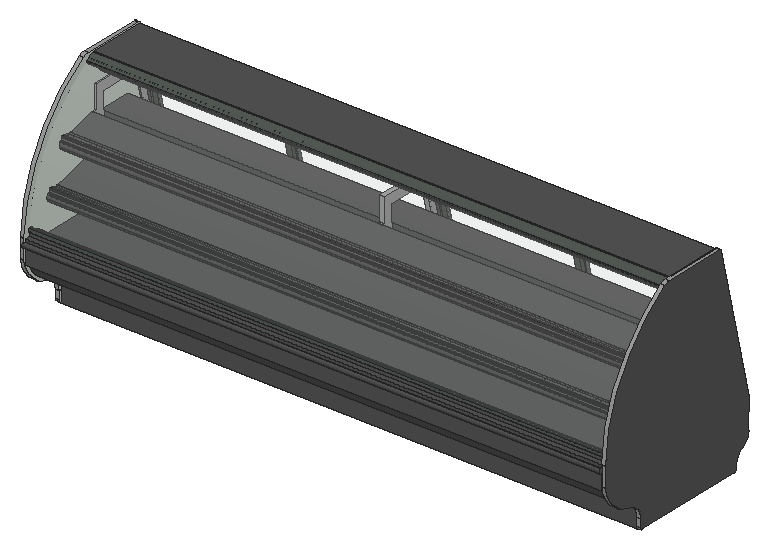
Revit family "ESBDHV_2014", category Specialty Equipment, Revit 2014
Parameters (values of type "12'-0" Length")
  Width = 144 1/2"
  Waste Drain = 1 1/2"  # constant formula
  URL = "www.hussmann.com"
  Type Comments = "Elite"  # constant formula
  Trim = Stainless Steel
  Total Weight = Case Weight + (2 * End Weight)  # 1400.00 lbf
  Splashguard = Textured Sheet Metal (Steel Painted) - 701 Black
  Side Panel - Right [instance] = yes
  Side Panel - Left [instance] = yes
  Shelves = Sheet Metal (Steel Painted) - 701 Black
  Shelf Lights [instance] = yes
  Shelf [instance] = yes
  Revit Family Date = "05/26/2016"  # constant formula
  Refrigeration Lines Suction = 7/8"  # constant formula
  Refrigeration Lines Liquid = 3/8"  # constant formula
  Refrig. Suction = "Suction"
  Refrig. Liquid = "Liquid"
  Number of Supports = if(Width < 50", 2, if(Width < 100", 3, 4))  # 4
  Note from Manufacturer = "This model only comes 4'-0\", 6'-0\", 8'-0\", and 12'-0\" lengths."
  Model URL = "http://www.hussmann.com/en/product%20viewer/display-cases/ESBDHV"
  Model = "ESBDHV"  # constant formula
  Manufacturer Disclaimer = "The information in this file is not intended to be an exact representation of the corresponding Hussmann product.  Further, we reserve the right to change or revise specifications and product design in connection with any feature of our products. Such changes do not entitle the buyer to corresponding changes, improvements, additions, or replacements for equipment previously sold or shipped."  # constant formula
  Manufacturer = "Hussmann Corporation"  # constant formula
  Location of Drain = if(Width < 144", 24 1/8", 72 1/4")  # 72 1/4"
  Light [instance] = yes
  Height = 52 1/8"  # constant formula
  Glazing = Glass
  Ends = Textured Sheet Metal (Steel Painted) - 701 Black
  End Weight = 100.00 lbf  # constant formula
  Door Frame = Plastic - 701 Black
  Description = "Elite High Volume Curved Glass, Blower Coil Service Case Merchandiser"  # constant formula
  Depth = 45 1/4"  # constant formula
  Cutsheet URL = "http://www.hussmann.com/en/Technical%20Documents/0522305_C_ESBDHV.pdf"
  Case Weight = if(Width = 48 1/4", 700.00 lbf, if(Width = 72 3/8", 800.00 lbf, if(Width = 96 3/8", 1000.00 lbf, if(Width = 144 1/2", 1200.00 lbf, 0.00 lbf))))  # 1200.00 lbf
  Case Interior - Side Panel = Mirror
  Case Interior - Back Panel = Stainless Steel
  Case = Textured Sheet Metal (Steel Painted) - 701 Black
  Bumper = Extruded PVC - 701 Black
  Assembly Code = ""
  Accessories/Options = ""
  8 Case = Width = 96 3/8"  # no
  6 Case = Width = 72 3/8"  # no
  4 Case = Width = 48 1/4"  # no
  12 Case = Width = 144 1/2"  # yes
Reference planes (in)
  plane 1 "Back": y = 0
  plane 2 "Bottom": z = 0
  plane 3 "Left": x = -77.30699
  plane 4 "Front": y = -45.25
  plane 5 "Center (Left/Right)": x = -5.05699
  plane 6: x = -78.30699
  plane 7 "Right": x = 67.19301
  plane 8: x = 68.19301
  plane 9: z = 52.125
Forms (in)
  Extrusion 1, solid, material "Metal - Copper"
    sketch origin (63.0625, 1.04319, 0) x (1, 0, 0) y (0, 1, 0)
      loop
        arc (-68.11949, -26.54319) -> (-68.64982, -26.76286) -> (-68.86949, -27.29319) r 0.75
        arc (-68.86949, -27.29319) -> (-68.64982, -27.82352) -> (-68.11949, -28.04319) r 0.75
        arc (-68.11949, -28.04319) -> (-67.58916, -27.82352) -> (-67.36949, -27.29319) r 0.75
        arc (-67.36949, -27.29319) -> (-67.58916, -26.76286) -> (-68.11949, -26.54319) r 0.75
      loop
        circle (-68.11949, -27.29319) r 0.7102
    from 8.6995 to 7.681
  Extrusion 2, solid, material "Metal - Copper"
    sketch origin (57.40105, 5, -0.375) x (1, 0, 0) y (0, 1, 0)
      loop
        circle (1.10446, -34.375) r 0.41359
      loop
        circle (1.10446, -34.375) r 0.4375
    from 9.0745 to 0.375
  Extrusion 3, solid, material "Metal - Copper"
    sketch origin (59.82608, 5, -0.375) x (1, 0, 0) y (0, 1, 0)
      loop
        circle (-0.69557, -34.375) r 0.17188
      loop
        circle (-0.69557, -34.375) r 0.1875
    from 9.0745 to 0.375
  Extrusion 4, solid, material "Textured Sheet Metal (Steel Painted) - 701 Black" <- "Case"
    sketch origin (-5.05699, 0, 0) x (0, 1, 0) y (0, 0, 1)
      loop
        arc (-43.44252, 13.59005) -> (-40.45755, 9.31029) -> (-35.50552, 7.66599) r 8.279
        line (-35.50552, 7.66599) -> (-35.19299, 7.66599) -> (-35.19299, 8.20149) -> (-32.4073, 8.20149) -> (-32.4073, 6.11549) -> (-32.23936, 6.21245) -> (-31.84269, 5.52539) -> (-31.84269, 8.57306) -> (-5.46069, 8.57306) -> (-5.46069, 5.69305) -> (-2.20656, 5.69305) -> (-0.0723, 7.82731) -> (-0.0723, 12.41843) -> (0, 12.41843) -> (0, 13.09183) -> (-0.0625, 13.09183) -> (-0.0625, 16.0963) -> (-1.60851, 22.5) -> (-5.07551, 21.66298) -> (-4.86172, 20.77748) -> (-8.2406, 20.77748) -> (-8.2406, 16.77743) -> (-9.59361, 16.77647) -> (-9.58899, 16.64436) -> (-19.8088, 16.28714) -> (-25.31642, 14.60349) -> (-37.69599, 14.60349) -> (-37.69599, 15.77551) -> (-37.49684, 15.77551) -> (-37.49684, 16.15051) -> (-37.54399, 16.15051) -> (-37.54399, 16.57251) -> (-39.57299, 16.57251) -> (-39.57299, 17.33846) -> (-40.88551, 17.33846) -> (-40.88551, 20.23034) -> (-42.70103, 21.27853)
        arc (-42.70103, 21.27853) -> (-42.78315, 21.28211) -> (-42.83318, 21.21691) r 0.089
        line (-42.83318, 21.21691) -> (-43.15154, 19.41143) -> (-44.41249, 19.41143) -> (-44.41249, 13.59005) -> (-43.44252, 13.59005)
      loop
        line (-11.47059, 48.15195) -> (-8.00359, 48.98897) -> (-8.76064, 52.12472) -> (-23.10704, 52.12472) -> (-23.10704, 49.54858) -> (-11.80777, 49.54858) -> (-11.47059, 48.15195)
    from 72.25 to -72.25
  Extrusion 5, solid, material "Sheet Metal (Steel Painted) - 701 Black" <- "Shelves"
    sketch origin (-5.05699, 0, 0) x (0, 1, 0) y (0, 0, 1)
      loop
        line (-8.35999, 17.74367) -> (-39.09599, 17.74367) -> (-39.09599, 16.88651) -> (-8.35999, 16.88651) -> (-8.35999, 17.74367)
    from 72.25 to -72.25
  Extrusion 6, solid, material "Glass" <- "Glazing"
    sketch origin (-5.05699, 0, 0) x (0, 1, 0) y (0, 0, 1)
      loop
        line (-39.57299, 16.57251) -> (-39.32299, 16.57251) -> (-39.32299, 18.93551)
        arc (-39.32299, 18.93551) -> (-39.44799, 19.06051) -> (-39.57299, 18.93551) r 0.125
        line (-39.57299, 18.93551) -> (-39.57299, 16.57251)
    from 72.25 to -72.25
  Extrusion 7, solid, material "Glass" <- "Glazing"
    sketch origin (-5.05699, 0, 0) x (0, 1, 0) y (0, 0, 1)
      loop
        line (-24.34908, 50.87974) -> (-24.47495, 51.07938)
        arc (-24.47495, 51.07938) -> (-37.52098, 38.04135) -> (-43.37879, 20.55207) r 40.236
        line (-43.37879, 20.55207) -> (-43.14379, 20.5304)
        arc (-43.14379, 20.5304) -> (-37.3198, 37.91798) -> (-24.34908, 50.87974) r 40
    from 72.25 to -72.25
  Extrusion 8, solid, material "Plastic - 701 Black" <- "Door Frame"
    sketch origin (-5.05699, 0, 0) x (0, 1, 0) y (0, 0, 1)
      loop
        line (-24.17926, 49.65898) -> (-23.49318, 49.50705)
        arc (-23.49318, 49.50705) -> (-22.85201, 49.42169) -> (-22.20567, 49.44679) r 3.78388
        arc (-22.20567, 49.44679) -> (-21.94504, 49.48865) -> (-21.68796, 49.54858) r 3.78388
        line (-21.68796, 49.54858) -> (-23.10704, 49.54858) -> (-23.10704, 50.07719)
        arc (-23.10704, 50.07719) -> (-23.16631, 50.08596) -> (-23.22541, 50.09586) r 3.15396
        line (-23.22541, 50.09586) -> (-23.22541, 51.96428)
        arc (-23.22541, 51.96428) -> (-24.32964, 51.57999) -> (-25.15624, 50.75312) r 2.61654
        line (-25.15624, 50.75312) -> (-25.10866, 50.67929)
        arc (-25.10866, 50.67929) -> (-24.79274, 50.88081) -> (-24.47495, 51.07938) r 40.236
        line (-24.47495, 51.07938) -> (-24.34908, 50.87974)
        arc (-24.34908, 50.87974) -> (-24.68729, 50.66827) -> (-25.02339, 50.45344) r 40
        line (-25.02339, 50.45344) -> (-24.90921, 50.27236)
        arc (-24.90921, 50.27236) -> (-24.89691, 50.26366) -> (-24.88206, 50.26621) r 0.01969
        line (-24.88206, 50.26621) -> (-24.73209, 50.36076) -> (-24.37757, 49.7985)
        arc (-24.37757, 49.7985) -> (-24.29238, 49.70889) -> (-24.17926, 49.65898) r 0.31496
      loop
        line (-43.14379, 20.5304) -> (-43.37879, 20.55207)
        arc (-43.37879, 20.55207) -> (-43.34404, 20.91134) -> (-43.30607, 21.27029) r 40.236
        line (-43.30607, 21.27029) -> (-43.37025, 21.27678) -> (-43.4425, 20.56142)
        arc (-43.4425, 20.56142) -> (-43.42884, 20.51597) -> (-43.38705, 20.4935) r 0.062
        line (-43.38705, 20.4935) -> (-42.9682, 20.45119) -> (-42.83221, 21.22243) -> (-43.07125, 21.24658)
        arc (-43.07125, 21.24658) -> (-43.10913, 20.88865) -> (-43.14379, 20.5304) r 40
    from 72.25 to -72.25
  Extrusion 9, solid, material "Extruded PVC - 701 Black" <- "Bumper"
    sketch origin (-5.05699, 0, 0) x (0, 1, 0) y (0, 0, 1)
      loop
        arc (-44.70099, 18.67893) -> (-45.25449, 18.12543) -> (-44.70099, 17.57193) r 0.5535
        line (-44.70099, 17.57193) -> (-44.41249, 17.57193) -> (-44.41249, 18.67893) -> (-44.70099, 18.67893)
    from 72.25 to -72.25
  Extrusion 10, solid, material "Textured Sheet Metal (Steel Painted) - 701 Black" <- "Splashguard"
    sketch origin (-5.05699, 0, 0) x (0, 1, 0) y (0, 0, 1)
      loop
        line (-33.24969, 0.071) -> (-33.04469, 0.071) -> (-33.04469, 0) -> (-31.84269, 0) -> (-31.84269, 5) -> (-31.91369, 5) -> (-31.91369, 0.071) -> (-32.51669, 0.071) -> (-32.51669, 0.5) -> (-32.56279, 0.5) -> (-32.56279, 0.1) -> (-32.82069, 0.1) -> (-32.82069, 7.681) -> (-32.56279, 7.681) -> (-32.56279, 7.281) -> (-32.51669, 7.281) -> (-32.51669, 7.71) -> (-33.0154, 7.71) -> (-33.0154, 8.20149) -> (-33.6714, 8.20149) -> (-33.6714, 8.13049) -> (-33.0864, 8.13049) -> (-33.0864, 7.71) -> (-33.24969, 7.71) -> (-33.24969, 0.071)
      loop
        line (-4.00019, 0.071) -> (-4.00019, 5.01) -> (-4.24596, 5.01) -> (-4.24596, 5.55349) -> (-2.37596, 5.55349) -> (-2.37596, 4.97228) -> (-2.73177, 4.97228) -> (-2.73177, 4.92528) -> (-2.23177, 4.92528) -> (-2.23177, 5.65049) -> (-4.34296, 5.65049) -> (-4.34296, 5.01) -> (-4.73319, 5.01) -> (-4.73319, 4.581) -> (-4.68708, 4.581) -> (-4.68708, 4.981) -> (-4.42919, 4.981) -> (-4.42919, 0.1) -> (-4.68708, 0.1) -> (-4.68708, 0.5) -> (-4.73319, 0.5) -> (-4.73319, 0.071) -> (-5.38969, 0.071) -> (-5.38969, 5) -> (-5.46069, 5) -> (-5.46069, 0) -> (-4.25869, 0) -> (-4.25869, 0.071) -> (-4.00019, 0.071)
    from 72.25 to -72.25
  Extrusion 11, solid, material "Stainless Steel"
    sketch origin (-5.05699, 0, 0) x (0, 1, 0) y (0, 0, 1)
      loop
        line (-18.92569, 49.54858) -> (-20.17276, 48.96706) -> (-21.03957, 47.10818)
        arc (-21.03957, 47.10818) -> (-21.02112, 47.04488) -> (-20.95595, 47.05491) r 0.05
        line (-20.95595, 47.05491) -> (-20.74078, 47.31133) -> (-20.52768, 47.31133) -> (-20.52768, 47.34633) -> (-20.7571, 47.34633) -> (-20.90202, 47.17363) -> (-20.15079, 48.78464) -> (-16.02881, 48.78464) -> (-15.65667, 48.05428) -> (-15.16801, 48.30327) -> (-15.80253, 49.54858) -> (-18.92569, 49.54858)
    from 72.25 to -72.25
  Extrusion 12, solid, material "Textured Sheet Metal (Steel Painted) - 701 Black" <- "Ends", visible <- "Side Panel - Left"
    sketch origin (-77.30699, 0, 0) x (0, 1, 0) y (0, 0, 1)
      loop
        arc (-4.32883, 0.33624) -> (-3.97528, 0.48268) -> (-3.82883, 0.83624) r 0.5
        line (-3.82883, 0.83624) -> (-3.82883, 1.39423)
        arc (-3.82883, 1.39423) -> (-3.25068, 3.44818) -> (-1.686, 4.89896) r 3.93752
        arc (-1.686, 4.89896) -> (-0.36969, 6.11946) -> (0.1167, 7.84739) r 3.31252
        line (0.1167, 7.84739) -> (0.1167, 7.97239) -> (0.1167, 15.92555)
        arc (0.1167, 15.92555) -> (0.09353, 16.31656) -> (0.02437, 16.70209) r 3.31202
        line (0.02437, 16.70209) -> (-8.48601, 51.98782) -> (-8.51531, 52.10934)
        arc (-8.51531, 52.10934) -> (-8.60367, 52.24713) -> (-8.75835, 52.30072) r 0.25
        line (-8.75835, 52.30072) -> (-24.3483, 52.30072)
        arc (-24.3483, 52.30072) -> (-25.20935, 52.1745) -> (-25.99794, 51.80646) r 3.00001
        arc (-25.99794, 51.80646) -> (-39.1359, 37.82263) -> (-44.53976, 19.41199) r 41.31269
        line (-44.53976, 19.41199) -> (-44.53976, 14.49155)
        arc (-44.53976, 14.49155) -> (-41.93358, 9.40456) -> (-36.85796, 6.7763) r 9.37504
        arc (-36.85796, 6.7763) -> (-34.50841, 5.43502) -> (-33.57897, 2.89424) r 3.93752
        line (-33.57897, 2.89424) -> (-33.57897, 0.83624)
        arc (-33.57897, 0.83624) -> (-33.43252, 0.48268) -> (-33.07897, 0.33624) r 0.5
        line (-33.07897, 0.33624) -> (-4.32883, 0.33624)
    from 0 to -1
  Extrusion 13, solid, material "Textured Sheet Metal (Steel Painted) - 701 Black" <- "Ends", visible <- "Side Panel - Right"
    sketch origin (67.19301, 0, 0) x (0, 0, 1) y (0, -1, 0)
      loop
        arc (15.92555, -0.1167) -> (16.31656, -0.09353) -> (16.70209, -0.02437) r 3.31202
        line (16.70209, -0.02437) -> (51.98782, 8.48601) -> (52.10934, 8.51531)
        arc (52.10934, 8.51531) -> (52.24713, 8.60367) -> (52.30072, 8.75835) r 0.25
        line (52.30072, 8.75835) -> (52.30072, 24.3483)
        arc (52.30072, 24.3483) -> (52.1745, 25.20935) -> (51.80646, 25.99794) r 3.00001
        arc (51.80646, 25.99794) -> (37.82263, 39.1359) -> (19.41199, 44.53976) r 41.31269
        line (19.41199, 44.53976) -> (14.49155, 44.53976)
        arc (14.49155, 44.53976) -> (9.40456, 41.93358) -> (6.7763, 36.85796) r 9.37504
        arc (6.7763, 36.85796) -> (5.43502, 34.50841) -> (2.89424, 33.57897) r 3.93752
        line (2.89424, 33.57897) -> (0.83624, 33.57897)
        arc (0.83624, 33.57897) -> (0.48268, 33.43252) -> (0.33624, 33.07897) r 0.5
        line (0.33624, 33.07897) -> (0.33624, 4.32883)
        arc (0.33624, 4.32883) -> (0.48268, 3.97528) -> (0.83624, 3.82883) r 0.5
        line (0.83624, 3.82883) -> (1.39423, 3.82883)
        arc (1.39423, 3.82883) -> (3.44818, 3.25068) -> (4.89896, 1.686) r 3.93752
        arc (4.89896, 1.686) -> (6.11946, 0.36969) -> (7.84739, -0.1167) r 3.31252
        line (7.84739, -0.1167) -> (7.97239, -0.1167) -> (15.92555, -0.1167)
    from 1 to 0
  Extrusion 14, solid, material "Stainless Steel" <- "Case Interior - Back Panel", visible <- "8 Case"
    sketch origin (-5.05699, 0, 0) x (0, 1, 0) y (0, 0, 1)
      loop
        line (-22.70199, 21.77151) -> (-5.10171, 21.77151) -> (-5.07551, 21.66298) -> (-1.60851, 22.5) -> (-8.00359, 48.98897) -> (-11.47059, 48.15195) -> (-10.65447, 44.77151) -> (-22.70199, 44.77151) -> (-22.70199, 38.83398) -> (-23.50053, 38.74244) -> (-23.5489, 38.92343) -> (-23.59141, 38.91207) -> (-23.22999, 37.55983) -> (-23.85721, 37.44378) -> (-22.70199, 36.29676) -> (-22.70199, 29.83398) -> (-23.50053, 29.74244) -> (-23.5489, 29.92343) -> (-23.59141, 29.91207) -> (-23.2041, 28.46294) -> (-23.76317, 28.35041) -> (-22.70199, 27.29676) -> (-22.70199, 21.77151)
      loop
        line (-11.10728, 40.68289) -> (-12.80895, 42.47151) -> (-20.85199, 42.47151) -> (-20.85199, 37.82395) -> (-20.55699, 37.86764) -> (-20.55699, 38.05499) -> (-20.51299, 38.05499) -> (-20.51299, 36.65528) -> (-19.87708, 36.70512) -> (-20.85199, 35.03275) -> (-20.85199, 27.82395) -> (-20.55699, 27.86764) -> (-20.55699, 28.05499) -> (-20.51299, 28.05499) -> (-20.51299, 26.55499) -> (-19.93946, 26.59811) -> (-20.85199, 25.03275) -> (-20.85199, 24.07151) -> (-7.80659, 24.07151) -> (-7.4164, 25.39494) -> (-6.0558, 25.72342) -> (-9.74668, 41.01137) -> (-11.10728, 40.68289)
      loop
        line (-22.70199, 38.3173) -> (-22.90691, 38.27581) -> (-22.95738, 38.46464) -> (-23.15343, 38.41224) -> (-22.83578, 37.52544) -> (-22.70199, 37.02386) -> (-22.70199, 38.3173)
      loop
        line (-22.70199, 29.3173) -> (-22.90691, 29.27581) -> (-22.95738, 29.46464) -> (-23.15343, 29.41224) -> (-22.83578, 28.52544) -> (-22.70199, 28.02386) -> (-22.70199, 29.3173)
    from -48.1875 to -47.59375
  Extrusion 15, solid, material "Stainless Steel" <- "Case Interior - Back Panel", visible <- "6 Case"
    sketch origin (-5.05699, 0, 0) x (0, 1, 0) y (0, 0, 1)
      loop
        line (-22.70199, 21.77151) -> (-5.10171, 21.77151) -> (-5.07551, 21.66298) -> (-1.60851, 22.5) -> (-8.00359, 48.98897) -> (-11.47059, 48.15195) -> (-10.65447, 44.77151) -> (-22.70199, 44.77151) -> (-22.70199, 38.83398) -> (-23.50053, 38.74244) -> (-23.5489, 38.92343) -> (-23.59141, 38.91207) -> (-23.22999, 37.55983) -> (-23.85721, 37.44378) -> (-22.70199, 36.29676) -> (-22.70199, 29.83398) -> (-23.50053, 29.74244) -> (-23.5489, 29.92343) -> (-23.59141, 29.91207) -> (-23.2041, 28.46294) -> (-23.76317, 28.35041) -> (-22.70199, 27.29676) -> (-22.70199, 21.77151)
      loop
        line (-11.10728, 40.68289) -> (-12.80895, 42.47151) -> (-20.85199, 42.47151) -> (-20.85199, 37.82395) -> (-20.55699, 37.86764) -> (-20.55699, 38.05499) -> (-20.51299, 38.05499) -> (-20.51299, 36.65528) -> (-19.87708, 36.70512) -> (-20.85199, 35.03275) -> (-20.85199, 27.82395) -> (-20.55699, 27.86764) -> (-20.55699, 28.05499) -> (-20.51299, 28.05499) -> (-20.51299, 26.55499) -> (-19.93946, 26.59811) -> (-20.85199, 25.03275) -> (-20.85199, 24.07151) -> (-7.80659, 24.07151) -> (-7.4164, 25.39494) -> (-6.0558, 25.72342) -> (-9.74668, 41.01137) -> (-11.10728, 40.68289)
      loop
        line (-22.70199, 38.3173) -> (-22.90691, 38.27581) -> (-22.95738, 38.46464) -> (-23.15343, 38.41224) -> (-22.83578, 37.52544) -> (-22.70199, 37.02386) -> (-22.70199, 38.3173)
      loop
        line (-22.70199, 29.3173) -> (-22.90691, 29.27581) -> (-22.95738, 29.46464) -> (-23.15343, 29.41224) -> (-22.83578, 28.52544) -> (-22.70199, 28.02386) -> (-22.70199, 29.3173)
    from -35.5 to -36.1875
  Extrusion 16, solid, material "Stainless Steel" <- "Case Interior - Back Panel", visible <- "12 Case"
    sketch origin (-5.05699, 0, 0) x (0, 1, 0) y (0, 0, 1)
      loop
        line (-22.70199, 21.77151) -> (-5.10171, 21.77151) -> (-5.07551, 21.66298) -> (-1.60851, 22.5) -> (-8.00359, 48.98897) -> (-11.47059, 48.15195) -> (-10.65447, 44.77151) -> (-22.70199, 44.77151) -> (-22.70199, 38.83398) -> (-23.50053, 38.74244) -> (-23.5489, 38.92343) -> (-23.59141, 38.91207) -> (-23.22999, 37.55983) -> (-23.85721, 37.44378) -> (-22.70199, 36.29676) -> (-22.70199, 29.83398) -> (-23.50053, 29.74244) -> (-23.5489, 29.92343) -> (-23.59141, 29.91207) -> (-23.2041, 28.46294) -> (-23.76317, 28.35041) -> (-22.70199, 27.29676) -> (-22.70199, 21.77151)
      loop
        line (-11.10728, 40.68289) -> (-12.80895, 42.47151) -> (-20.85199, 42.47151) -> (-20.85199, 37.82395) -> (-20.55699, 37.86764) -> (-20.55699, 38.05499) -> (-20.51299, 38.05499) -> (-20.51299, 36.65528) -> (-19.87708, 36.70512) -> (-20.85199, 35.03275) -> (-20.85199, 27.82395) -> (-20.55699, 27.86764) -> (-20.55699, 28.05499) -> (-20.51299, 28.05499) -> (-20.51299, 26.55499) -> (-19.93946, 26.59811) -> (-20.85199, 25.03275) -> (-20.85199, 24.07151) -> (-7.80659, 24.07151) -> (-7.4164, 25.39494) -> (-6.0558, 25.72342) -> (-9.74668, 41.01137) -> (-11.10728, 40.68289)
      loop
        line (-22.70199, 38.3173) -> (-22.90691, 38.27581) -> (-22.95738, 38.46464) -> (-23.15343, 38.41224) -> (-22.83578, 37.52544) -> (-22.70199, 37.02386) -> (-22.70199, 38.3173)
      loop
        line (-22.70199, 29.3173) -> (-22.90691, 29.27581) -> (-22.95738, 29.46464) -> (-23.15343, 29.41224) -> (-22.83578, 28.52544) -> (-22.70199, 28.02386) -> (-22.70199, 29.3173)
    from 0.625 to -0.625
  Extrusion 17, solid, material "Stainless Steel" <- "Case Interior - Back Panel", visible <- "12 Case"
    sketch origin (-5.05699, 0, 0) x (0, 1, 0) y (0, 0, 1)
      loop
        line (-22.70199, 21.77151) -> (-5.10171, 21.77151) -> (-5.07551, 21.66298) -> (-1.60851, 22.5) -> (-8.00359, 48.98897) -> (-11.47059, 48.15195) -> (-10.65447, 44.77151) -> (-22.70199, 44.77151) -> (-22.70199, 38.83398) -> (-23.50053, 38.74244) -> (-23.5489, 38.92343) -> (-23.59141, 38.91207) -> (-23.22999, 37.55983) -> (-23.85721, 37.44378) -> (-22.70199, 36.29676) -> (-22.70199, 29.83398) -> (-23.50053, 29.74244) -> (-23.5489, 29.92343) -> (-23.59141, 29.91207) -> (-23.2041, 28.46294) -> (-23.76317, 28.35041) -> (-22.70199, 27.29676) -> (-22.70199, 21.77151)
      loop
        line (-11.10728, 40.68289) -> (-12.80895, 42.47151) -> (-20.85199, 42.47151) -> (-20.85199, 37.82395) -> (-20.55699, 37.86764) -> (-20.55699, 38.05499) -> (-20.51299, 38.05499) -> (-20.51299, 36.65528) -> (-19.87708, 36.70512) -> (-20.85199, 35.03275) -> (-20.85199, 27.82395) -> (-20.55699, 27.86764) -> (-20.55699, 28.05499) -> (-20.51299, 28.05499) -> (-20.51299, 26.55499) -> (-19.93946, 26.59811) -> (-20.85199, 25.03275) -> (-20.85199, 24.07151) -> (-7.80659, 24.07151) -> (-7.4164, 25.39494) -> (-6.0558, 25.72342) -> (-9.74668, 41.01137) -> (-11.10728, 40.68289)
      loop
        line (-22.70199, 38.3173) -> (-22.90691, 38.27581) -> (-22.95738, 38.46464) -> (-23.15343, 38.41224) -> (-22.83578, 37.52544) -> (-22.70199, 37.02386) -> (-22.70199, 38.3173)
      loop
        line (-22.70199, 29.3173) -> (-22.90691, 29.27581) -> (-22.95738, 29.46464) -> (-23.15343, 29.41224) -> (-22.83578, 28.52544) -> (-22.70199, 28.02386) -> (-22.70199, 29.3173)
    from -71.625 to -72.25
  Extrusion 18, solid, material "Stainless Steel" <- "Case Interior - Back Panel", visible <- "12 Case"
    sketch origin (-5.05699, 0, 0) x (0, 1, 0) y (0, 0, 1)
      loop
        line (-22.70199, 21.77151) -> (-5.10171, 21.77151) -> (-5.07551, 21.66298) -> (-1.60851, 22.5) -> (-8.00359, 48.98897) -> (-11.47059, 48.15195) -> (-10.65447, 44.77151) -> (-22.70199, 44.77151) -> (-22.70199, 38.83398) -> (-23.50053, 38.74244) -> (-23.5489, 38.92343) -> (-23.59141, 38.91207) -> (-23.22999, 37.55983) -> (-23.85721, 37.44378) -> (-22.70199, 36.29676) -> (-22.70199, 29.83398) -> (-23.50053, 29.74244) -> (-23.5489, 29.92343) -> (-23.59141, 29.91207) -> (-23.2041, 28.46294) -> (-23.76317, 28.35041) -> (-22.70199, 27.29676) -> (-22.70199, 21.77151)
      loop
        line (-11.10728, 40.68289) -> (-12.80895, 42.47151) -> (-20.85199, 42.47151) -> (-20.85199, 37.82395) -> (-20.55699, 37.86764) -> (-20.55699, 38.05499) -> (-20.51299, 38.05499) -> (-20.51299, 36.65528) -> (-19.87708, 36.70512) -> (-20.85199, 35.03275) -> (-20.85199, 27.82395) -> (-20.55699, 27.86764) -> (-20.55699, 28.05499) -> (-20.51299, 28.05499) -> (-20.51299, 26.55499) -> (-19.93946, 26.59811) -> (-20.85199, 25.03275) -> (-20.85199, 24.07151) -> (-7.80659, 24.07151) -> (-7.4164, 25.39494) -> (-6.0558, 25.72342) -> (-9.74668, 41.01137) -> (-11.10728, 40.68289)
      loop
        line (-22.70199, 38.3173) -> (-22.90691, 38.27581) -> (-22.95738, 38.46464) -> (-23.15343, 38.41224) -> (-22.83578, 37.52544) -> (-22.70199, 37.02386) -> (-22.70199, 38.3173)
      loop
        line (-22.70199, 29.3173) -> (-22.90691, 29.27581) -> (-22.95738, 29.46464) -> (-23.15343, 29.41224) -> (-22.83578, 28.52544) -> (-22.70199, 28.02386) -> (-22.70199, 29.3173)
    from 72.25 to 71.625
  Extrusion 19, solid, material "Stainless Steel" <- "Case Interior - Back Panel", visible <- "12 Case", not visible
    sketch origin (-5.05699, -39, 0) x (0, 1, 0) y (0, 0, 1)
      loop
        line (-22.70199, 21.77151) -> (-5.10171, 21.77151) -> (-5.07551, 21.66298) -> (-1.60851, 22.5) -> (-8.00359, 48.98897) -> (-11.47059, 48.15195) -> (-10.65447, 44.77151) -> (-22.70199, 44.77151) -> (-22.70199, 38.83398) -> (-23.50053, 38.74244) -> (-23.5489, 38.92343) -> (-23.59141, 38.91207) -> (-23.22999, 37.55983) -> (-23.85721, 37.44378) -> (-22.70199, 36.29676) -> (-22.70199, 29.83398) -> (-23.50053, 29.74244) -> (-23.5489, 29.92343) -> (-23.59141, 29.91207) -> (-23.2041, 28.46294) -> (-23.76317, 28.35041) -> (-22.70199, 27.29676) -> (-22.70199, 21.77151)
      loop
        line (-11.10728, 40.68289) -> (-12.80895, 42.47151) -> (-20.85199, 42.47151) -> (-20.85199, 37.82395) -> (-20.55699, 37.86764) -> (-20.55699, 38.05499) -> (-20.51299, 38.05499) -> (-20.51299, 36.65528) -> (-19.87708, 36.70512) -> (-20.85199, 35.03275) -> (-20.85199, 27.82395) -> (-20.55699, 27.86764) -> (-20.55699, 28.05499) -> (-20.51299, 28.05499) -> (-20.51299, 26.55499) -> (-19.93946, 26.59811) -> (-20.85199, 25.03275) -> (-20.85199, 24.07151) -> (-7.80659, 24.07151) -> (-7.4164, 25.39494) -> (-6.0558, 25.72342) -> (-9.74668, 41.01137) -> (-11.10728, 40.68289)
      loop
        line (-22.70199, 38.3173) -> (-22.90691, 38.27581) -> (-22.95738, 38.46464) -> (-23.15343, 38.41224) -> (-22.83578, 37.52544) -> (-22.70199, 37.02386) -> (-22.70199, 38.3173)
      loop
        line (-22.70199, 29.3173) -> (-22.90691, 29.27581) -> (-22.95738, 29.46464) -> (-23.15343, 29.41224) -> (-22.83578, 28.52544) -> (-22.70199, 28.02386) -> (-22.70199, 29.3173)
    from 0.625 to -0.625
  Extrusion 20, solid, material "Stainless Steel" <- "Case Interior - Back Panel", visible <- "12 Case", not visible
    sketch origin (-5.05699, -39, 0) x (0, 1, 0) y (0, 0, 1)
      loop
        line (-22.70199, 21.77151) -> (-5.10171, 21.77151) -> (-5.07551, 21.66298) -> (-1.60851, 22.5) -> (-8.00359, 48.98897) -> (-11.47059, 48.15195) -> (-10.65447, 44.77151) -> (-22.70199, 44.77151) -> (-22.70199, 38.83398) -> (-23.50053, 38.74244) -> (-23.5489, 38.92343) -> (-23.59141, 38.91207) -> (-23.22999, 37.55983) -> (-23.85721, 37.44378) -> (-22.70199, 36.29676) -> (-22.70199, 29.83398) -> (-23.50053, 29.74244) -> (-23.5489, 29.92343) -> (-23.59141, 29.91207) -> (-23.2041, 28.46294) -> (-23.76317, 28.35041) -> (-22.70199, 27.29676) -> (-22.70199, 21.77151)
      loop
        line (-11.10728, 40.68289) -> (-12.80895, 42.47151) -> (-20.85199, 42.47151) -> (-20.85199, 37.82395) -> (-20.55699, 37.86764) -> (-20.55699, 38.05499) -> (-20.51299, 38.05499) -> (-20.51299, 36.65528) -> (-19.87708, 36.70512) -> (-20.85199, 35.03275) -> (-20.85199, 27.82395) -> (-20.55699, 27.86764) -> (-20.55699, 28.05499) -> (-20.51299, 28.05499) -> (-20.51299, 26.55499) -> (-19.93946, 26.59811) -> (-20.85199, 25.03275) -> (-20.85199, 24.07151) -> (-7.80659, 24.07151) -> (-7.4164, 25.39494) -> (-6.0558, 25.72342) -> (-9.74668, 41.01137) -> (-11.10728, 40.68289)
      loop
        line (-22.70199, 38.3173) -> (-22.90691, 38.27581) -> (-22.95738, 38.46464) -> (-23.15343, 38.41224) -> (-22.83578, 37.52544) -> (-22.70199, 37.02386) -> (-22.70199, 38.3173)
      loop
        line (-22.70199, 29.3173) -> (-22.90691, 29.27581) -> (-22.95738, 29.46464) -> (-23.15343, 29.41224) -> (-22.83578, 28.52544) -> (-22.70199, 28.02386) -> (-22.70199, 29.3173)
    from -71.625 to -72.25
  Extrusion 21, solid, material "Stainless Steel" <- "Case Interior - Back Panel", visible <- "12 Case", not visible
    sketch origin (-5.05699, -39, 0) x (0, 1, 0) y (0, 0, 1)
      loop
        line (-22.70199, 21.77151) -> (-5.10171, 21.77151) -> (-5.07551, 21.66298) -> (-1.60851, 22.5) -> (-8.00359, 48.98897) -> (-11.47059, 48.15195) -> (-10.65447, 44.77151) -> (-22.70199, 44.77151) -> (-22.70199, 38.83398) -> (-23.50053, 38.74244) -> (-23.5489, 38.92343) -> (-23.59141, 38.91207) -> (-23.22999, 37.55983) -> (-23.85721, 37.44378) -> (-22.70199, 36.29676) -> (-22.70199, 29.83398) -> (-23.50053, 29.74244) -> (-23.5489, 29.92343) -> (-23.59141, 29.91207) -> (-23.2041, 28.46294) -> (-23.76317, 28.35041) -> (-22.70199, 27.29676) -> (-22.70199, 21.77151)
      loop
        line (-11.10728, 40.68289) -> (-12.80895, 42.47151) -> (-20.85199, 42.47151) -> (-20.85199, 37.82395) -> (-20.55699, 37.86764) -> (-20.55699, 38.05499) -> (-20.51299, 38.05499) -> (-20.51299, 36.65528) -> (-19.87708, 36.70512) -> (-20.85199, 35.03275) -> (-20.85199, 27.82395) -> (-20.55699, 27.86764) -> (-20.55699, 28.05499) -> (-20.51299, 28.05499) -> (-20.51299, 26.55499) -> (-19.93946, 26.59811) -> (-20.85199, 25.03275) -> (-20.85199, 24.07151) -> (-7.80659, 24.07151) -> (-7.4164, 25.39494) -> (-6.0558, 25.72342) -> (-9.74668, 41.01137) -> (-11.10728, 40.68289)
      loop
        line (-22.70199, 38.3173) -> (-22.90691, 38.27581) -> (-22.95738, 38.46464) -> (-23.15343, 38.41224) -> (-22.83578, 37.52544) -> (-22.70199, 37.02386) -> (-22.70199, 38.3173)
      loop
        line (-22.70199, 29.3173) -> (-22.90691, 29.27581) -> (-22.95738, 29.46464) -> (-23.15343, 29.41224) -> (-22.83578, 28.52544) -> (-22.70199, 28.02386) -> (-22.70199, 29.3173)
    from 72.25 to 71.625
  Extrusion 22, solid, material "Stainless Steel" <- "Case Interior - Back Panel", visible <- "6 Case"
    sketch origin (-5.05699, 0, 0) x (0, 1, 0) y (0, 0, 1)
      loop
        line (-22.70199, 21.77151) -> (-5.10171, 21.77151) -> (-5.07551, 21.66298) -> (-1.60851, 22.5) -> (-8.00359, 48.98897) -> (-11.47059, 48.15195) -> (-10.65447, 44.77151) -> (-22.70199, 44.77151) -> (-22.70199, 38.83398) -> (-23.50053, 38.74244) -> (-23.5489, 38.92343) -> (-23.59141, 38.91207) -> (-23.22999, 37.55983) -> (-23.85721, 37.44378) -> (-22.70199, 36.29676) -> (-22.70199, 29.83398) -> (-23.50053, 29.74244) -> (-23.5489, 29.92343) -> (-23.59141, 29.91207) -> (-23.2041, 28.46294) -> (-23.76317, 28.35041) -> (-22.70199, 27.29676) -> (-22.70199, 21.77151)
      loop
        line (-11.10728, 40.68289) -> (-12.80895, 42.47151) -> (-20.85199, 42.47151) -> (-20.85199, 37.82395) -> (-20.55699, 37.86764) -> (-20.55699, 38.05499) -> (-20.51299, 38.05499) -> (-20.51299, 36.65528) -> (-19.87708, 36.70512) -> (-20.85199, 35.03275) -> (-20.85199, 27.82395) -> (-20.55699, 27.86764) -> (-20.55699, 28.05499) -> (-20.51299, 28.05499) -> (-20.51299, 26.55499) -> (-19.93946, 26.59811) -> (-20.85199, 25.03275) -> (-20.85199, 24.07151) -> (-7.80659, 24.07151) -> (-7.4164, 25.39494) -> (-6.0558, 25.72342) -> (-9.74668, 41.01137) -> (-11.10728, 40.68289)
      loop
        line (-22.70199, 38.3173) -> (-22.90691, 38.27581) -> (-22.95738, 38.46464) -> (-23.15343, 38.41224) -> (-22.83578, 37.52544) -> (-22.70199, 37.02386) -> (-22.70199, 38.3173)
      loop
        line (-22.70199, 29.3173) -> (-22.90691, 29.27581) -> (-22.95738, 29.46464) -> (-23.15343, 29.41224) -> (-22.83578, 28.52544) -> (-22.70199, 28.02386) -> (-22.70199, 29.3173)
    from 36.1875 to 35.5
  Extrusion 23, solid, material "Stainless Steel" <- "Case Interior - Back Panel", visible <- "6 Case", not visible
    sketch origin (-5.05699, 40.54873, 0) x (0, 1, 0) y (0, 0, 1)
      loop
        line (-22.70199, 21.77151) -> (-5.10171, 21.77151) -> (-5.07551, 21.66298) -> (-1.60851, 22.5) -> (-8.00359, 48.98897) -> (-11.47059, 48.15195) -> (-10.65447, 44.77151) -> (-22.70199, 44.77151) -> (-22.70199, 38.83398) -> (-23.50053, 38.74244) -> (-23.5489, 38.92343) -> (-23.59141, 38.91207) -> (-23.22999, 37.55983) -> (-23.85721, 37.44378) -> (-22.70199, 36.29676) -> (-22.70199, 29.83398) -> (-23.50053, 29.74244) -> (-23.5489, 29.92343) -> (-23.59141, 29.91207) -> (-23.2041, 28.46294) -> (-23.76317, 28.35041) -> (-22.70199, 27.29676) -> (-22.70199, 21.77151)
      loop
        line (-11.10728, 40.68289) -> (-12.80895, 42.47151) -> (-20.85199, 42.47151) -> (-20.85199, 37.82395) -> (-20.55699, 37.86764) -> (-20.55699, 38.05499) -> (-20.51299, 38.05499) -> (-20.51299, 36.65528) -> (-19.87708, 36.70512) -> (-20.85199, 35.03275) -> (-20.85199, 27.82395) -> (-20.55699, 27.86764) -> (-20.55699, 28.05499) -> (-20.51299, 28.05499) -> (-20.51299, 26.55499) -> (-19.93946, 26.59811) -> (-20.85199, 25.03275) -> (-20.85199, 24.07151) -> (-7.80659, 24.07151) -> (-7.4164, 25.39494) -> (-6.0558, 25.72342) -> (-9.74668, 41.01137) -> (-11.10728, 40.68289)
      loop
        line (-22.70199, 38.3173) -> (-22.90691, 38.27581) -> (-22.95738, 38.46464) -> (-23.15343, 38.41224) -> (-22.83578, 37.52544) -> (-22.70199, 37.02386) -> (-22.70199, 38.3173)
      loop
        line (-22.70199, 29.3173) -> (-22.90691, 29.27581) -> (-22.95738, 29.46464) -> (-23.15343, 29.41224) -> (-22.83578, 28.52544) -> (-22.70199, 28.02386) -> (-22.70199, 29.3173)
    from -35.5 to -36.1875
  Extrusion 24, solid, material "Stainless Steel" <- "Case Interior - Back Panel", visible <- "6 Case", not visible
    sketch origin (-5.05699, 40.54873, 0) x (0, 1, 0) y (0, 0, 1)
      loop
        line (-22.70199, 21.77151) -> (-5.10171, 21.77151) -> (-5.07551, 21.66298) -> (-1.60851, 22.5) -> (-8.00359, 48.98897) -> (-11.47059, 48.15195) -> (-10.65447, 44.77151) -> (-22.70199, 44.77151) -> (-22.70199, 38.83398) -> (-23.50053, 38.74244) -> (-23.5489, 38.92343) -> (-23.59141, 38.91207) -> (-23.22999, 37.55983) -> (-23.85721, 37.44378) -> (-22.70199, 36.29676) -> (-22.70199, 29.83398) -> (-23.50053, 29.74244) -> (-23.5489, 29.92343) -> (-23.59141, 29.91207) -> (-23.2041, 28.46294) -> (-23.76317, 28.35041) -> (-22.70199, 27.29676) -> (-22.70199, 21.77151)
      loop
        line (-11.10728, 40.68289) -> (-12.80895, 42.47151) -> (-20.85199, 42.47151) -> (-20.85199, 37.82395) -> (-20.55699, 37.86764) -> (-20.55699, 38.05499) -> (-20.51299, 38.05499) -> (-20.51299, 36.65528) -> (-19.87708, 36.70512) -> (-20.85199, 35.03275) -> (-20.85199, 27.82395) -> (-20.55699, 27.86764) -> (-20.55699, 28.05499) -> (-20.51299, 28.05499) -> (-20.51299, 26.55499) -> (-19.93946, 26.59811) -> (-20.85199, 25.03275) -> (-20.85199, 24.07151) -> (-7.80659, 24.07151) -> (-7.4164, 25.39494) -> (-6.0558, 25.72342) -> (-9.74668, 41.01137) -> (-11.10728, 40.68289)
      loop
        line (-22.70199, 38.3173) -> (-22.90691, 38.27581) -> (-22.95738, 38.46464) -> (-23.15343, 38.41224) -> (-22.83578, 37.52544) -> (-22.70199, 37.02386) -> (-22.70199, 38.3173)
      loop
        line (-22.70199, 29.3173) -> (-22.90691, 29.27581) -> (-22.95738, 29.46464) -> (-23.15343, 29.41224) -> (-22.83578, 28.52544) -> (-22.70199, 28.02386) -> (-22.70199, 29.3173)
    from 36.1875 to 35.5
  Extrusion 25, solid, material "Stainless Steel" <- "Case Interior - Back Panel", visible <- "8 Case"
    sketch origin (-5.05699, 0, 0) x (0, 1, 0) y (0, 0, 1)
      loop
        line (-22.70199, 21.77151) -> (-5.10171, 21.77151) -> (-5.07551, 21.66298) -> (-1.60851, 22.5) -> (-8.00359, 48.98897) -> (-11.47059, 48.15195) -> (-10.65447, 44.77151) -> (-22.70199, 44.77151) -> (-22.70199, 38.83398) -> (-23.50053, 38.74244) -> (-23.5489, 38.92343) -> (-23.59141, 38.91207) -> (-23.22999, 37.55983) -> (-23.85721, 37.44378) -> (-22.70199, 36.29676) -> (-22.70199, 29.83398) -> (-23.50053, 29.74244) -> (-23.5489, 29.92343) -> (-23.59141, 29.91207) -> (-23.2041, 28.46294) -> (-23.76317, 28.35041) -> (-22.70199, 27.29676) -> (-22.70199, 21.77151)
      loop
        line (-11.10728, 40.68289) -> (-12.80895, 42.47151) -> (-20.85199, 42.47151) -> (-20.85199, 37.82395) -> (-20.55699, 37.86764) -> (-20.55699, 38.05499) -> (-20.51299, 38.05499) -> (-20.51299, 36.65528) -> (-19.87708, 36.70512) -> (-20.85199, 35.03275) -> (-20.85199, 27.82395) -> (-20.55699, 27.86764) -> (-20.55699, 28.05499) -> (-20.51299, 28.05499) -> (-20.51299, 26.55499) -> (-19.93946, 26.59811) -> (-20.85199, 25.03275) -> (-20.85199, 24.07151) -> (-7.80659, 24.07151) -> (-7.4164, 25.39494) -> (-6.0558, 25.72342) -> (-9.74668, 41.01137) -> (-11.10728, 40.68289)
      loop
        line (-22.70199, 38.3173) -> (-22.90691, 38.27581) -> (-22.95738, 38.46464) -> (-23.15343, 38.41224) -> (-22.83578, 37.52544) -> (-22.70199, 37.02386) -> (-22.70199, 38.3173)
      loop
        line (-22.70199, 29.3173) -> (-22.90691, 29.27581) -> (-22.95738, 29.46464) -> (-23.15343, 29.41224) -> (-22.83578, 28.52544) -> (-22.70199, 28.02386) -> (-22.70199, 29.3173)
    from -0.59375 to 0.59375
  Extrusion 26, solid, material "Stainless Steel" <- "Case Interior - Back Panel", visible <- "8 Case"
    sketch origin (-5.05699, 0, 0) x (0, 1, 0) y (0, 0, 1)
      loop
        line (-22.70199, 21.77151) -> (-5.10171, 21.77151) -> (-5.07551, 21.66298) -> (-1.60851, 22.5) -> (-8.00359, 48.98897) -> (-11.47059, 48.15195) -> (-10.65447, 44.77151) -> (-22.70199, 44.77151) -> (-22.70199, 38.83398) -> (-23.50053, 38.74244) -> (-23.5489, 38.92343) -> (-23.59141, 38.91207) -> (-23.22999, 37.55983) -> (-23.85721, 37.44378) -> (-22.70199, 36.29676) -> (-22.70199, 29.83398) -> (-23.50053, 29.74244) -> (-23.5489, 29.92343) -> (-23.59141, 29.91207) -> (-23.2041, 28.46294) -> (-23.76317, 28.35041) -> (-22.70199, 27.29676) -> (-22.70199, 21.77151)
      loop
        line (-11.10728, 40.68289) -> (-12.80895, 42.47151) -> (-20.85199, 42.47151) -> (-20.85199, 37.82395) -> (-20.55699, 37.86764) -> (-20.55699, 38.05499) -> (-20.51299, 38.05499) -> (-20.51299, 36.65528) -> (-19.87708, 36.70512) -> (-20.85199, 35.03275) -> (-20.85199, 27.82395) -> (-20.55699, 27.86764) -> (-20.55699, 28.05499) -> (-20.51299, 28.05499) -> (-20.51299, 26.55499) -> (-19.93946, 26.59811) -> (-20.85199, 25.03275) -> (-20.85199, 24.07151) -> (-7.80659, 24.07151) -> (-7.4164, 25.39494) -> (-6.0558, 25.72342) -> (-9.74668, 41.01137) -> (-11.10728, 40.68289)
      loop
        line (-22.70199, 38.3173) -> (-22.90691, 38.27581) -> (-22.95738, 38.46464) -> (-23.15343, 38.41224) -> (-22.83578, 37.52544) -> (-22.70199, 37.02386) -> (-22.70199, 38.3173)
      loop
        line (-22.70199, 29.3173) -> (-22.90691, 29.27581) -> (-22.95738, 29.46464) -> (-23.15343, 29.41224) -> (-22.83578, 28.52544) -> (-22.70199, 28.02386) -> (-22.70199, 29.3173)
    from 47.59375 to 48.1875
  Extrusion 27, solid, material "Stainless Steel" <- "Case Interior - Back Panel", visible <- "8 Case", not visible
    sketch origin (-5.05699, -67, 0) x (0, 1, 0) y (0, 0, 1)
      loop
        line (-22.70199, 21.77151) -> (-5.10171, 21.77151) -> (-5.07551, 21.66298) -> (-1.60851, 22.5) -> (-8.00359, 48.98897) -> (-11.47059, 48.15195) -> (-10.65447, 44.77151) -> (-22.70199, 44.77151) -> (-22.70199, 38.83398) -> (-23.50053, 38.74244) -> (-23.5489, 38.92343) -> (-23.59141, 38.91207) -> (-23.22999, 37.55983) -> (-23.85721, 37.44378) -> (-22.70199, 36.29676) -> (-22.70199, 29.83398) -> (-23.50053, 29.74244) -> (-23.5489, 29.92343) -> (-23.59141, 29.91207) -> (-23.2041, 28.46294) -> (-23.76317, 28.35041) -> (-22.70199, 27.29676) -> (-22.70199, 21.77151)
      loop
        line (-11.10728, 40.68289) -> (-12.80895, 42.47151) -> (-20.85199, 42.47151) -> (-20.85199, 37.82395) -> (-20.55699, 37.86764) -> (-20.55699, 38.05499) -> (-20.51299, 38.05499) -> (-20.51299, 36.65528) -> (-19.87708, 36.70512) -> (-20.85199, 35.03275) -> (-20.85199, 27.82395) -> (-20.55699, 27.86764) -> (-20.55699, 28.05499) -> (-20.51299, 28.05499) -> (-20.51299, 26.55499) -> (-19.93946, 26.59811) -> (-20.85199, 25.03275) -> (-20.85199, 24.07151) -> (-7.80659, 24.07151) -> (-7.4164, 25.39494) -> (-6.0558, 25.72342) -> (-9.74668, 41.01137) -> (-11.10728, 40.68289)
      loop
        line (-22.70199, 38.3173) -> (-22.90691, 38.27581) -> (-22.95738, 38.46464) -> (-23.15343, 38.41224) -> (-22.83578, 37.52544) -> (-22.70199, 37.02386) -> (-22.70199, 38.3173)
      loop
        line (-22.70199, 29.3173) -> (-22.90691, 29.27581) -> (-22.95738, 29.46464) -> (-23.15343, 29.41224) -> (-22.83578, 28.52544) -> (-22.70199, 28.02386) -> (-22.70199, 29.3173)
    from -48.1875 to -47.59375
  Extrusion 28, solid, material "Stainless Steel" <- "Case Interior - Back Panel", visible <- "8 Case", not visible
    sketch origin (-5.05699, -67, 0) x (0, 1, 0) y (0, 0, 1)
      loop
        line (-22.70199, 21.77151) -> (-5.10171, 21.77151) -> (-5.07551, 21.66298) -> (-1.60851, 22.5) -> (-8.00359, 48.98897) -> (-11.47059, 48.15195) -> (-10.65447, 44.77151) -> (-22.70199, 44.77151) -> (-22.70199, 38.83398) -> (-23.50053, 38.74244) -> (-23.5489, 38.92343) -> (-23.59141, 38.91207) -> (-23.22999, 37.55983) -> (-23.85721, 37.44378) -> (-22.70199, 36.29676) -> (-22.70199, 29.83398) -> (-23.50053, 29.74244) -> (-23.5489, 29.92343) -> (-23.59141, 29.91207) -> (-23.2041, 28.46294) -> (-23.76317, 28.35041) -> (-22.70199, 27.29676) -> (-22.70199, 21.77151)
      loop
        line (-11.10728, 40.68289) -> (-12.80895, 42.47151) -> (-20.85199, 42.47151) -> (-20.85199, 37.82395) -> (-20.55699, 37.86764) -> (-20.55699, 38.05499) -> (-20.51299, 38.05499) -> (-20.51299, 36.65528) -> (-19.87708, 36.70512) -> (-20.85199, 35.03275) -> (-20.85199, 27.82395) -> (-20.55699, 27.86764) -> (-20.55699, 28.05499) -> (-20.51299, 28.05499) -> (-20.51299, 26.55499) -> (-19.93946, 26.59811) -> (-20.85199, 25.03275) -> (-20.85199, 24.07151) -> (-7.80659, 24.07151) -> (-7.4164, 25.39494) -> (-6.0558, 25.72342) -> (-9.74668, 41.01137) -> (-11.10728, 40.68289)
      loop
        line (-22.70199, 38.3173) -> (-22.90691, 38.27581) -> (-22.95738, 38.46464) -> (-23.15343, 38.41224) -> (-22.83578, 37.52544) -> (-22.70199, 37.02386) -> (-22.70199, 38.3173)
      loop
        line (-22.70199, 29.3173) -> (-22.90691, 29.27581) -> (-22.95738, 29.46464) -> (-23.15343, 29.41224) -> (-22.83578, 28.52544) -> (-22.70199, 28.02386) -> (-22.70199, 29.3173)
    from -0.59375 to 0.59375
  Extrusion 29, solid, material "Stainless Steel" <- "Case Interior - Back Panel", visible <- "8 Case", not visible
    sketch origin (-5.05699, -67, 0) x (0, 1, 0) y (0, 0, 1)
      loop
        line (-22.70199, 21.77151) -> (-5.10171, 21.77151) -> (-5.07551, 21.66298) -> (-1.60851, 22.5) -> (-8.00359, 48.98897) -> (-11.47059, 48.15195) -> (-10.65447, 44.77151) -> (-22.70199, 44.77151) -> (-22.70199, 38.83398) -> (-23.50053, 38.74244) -> (-23.5489, 38.92343) -> (-23.59141, 38.91207) -> (-23.22999, 37.55983) -> (-23.85721, 37.44378) -> (-22.70199, 36.29676) -> (-22.70199, 29.83398) -> (-23.50053, 29.74244) -> (-23.5489, 29.92343) -> (-23.59141, 29.91207) -> (-23.2041, 28.46294) -> (-23.76317, 28.35041) -> (-22.70199, 27.29676) -> (-22.70199, 21.77151)
      loop
        line (-11.10728, 40.68289) -> (-12.80895, 42.47151) -> (-20.85199, 42.47151) -> (-20.85199, 37.82395) -> (-20.55699, 37.86764) -> (-20.55699, 38.05499) -> (-20.51299, 38.05499) -> (-20.51299, 36.65528) -> (-19.87708, 36.70512) -> (-20.85199, 35.03275) -> (-20.85199, 27.82395) -> (-20.55699, 27.86764) -> (-20.55699, 28.05499) -> (-20.51299, 28.05499) -> (-20.51299, 26.55499) -> (-19.93946, 26.59811) -> (-20.85199, 25.03275) -> (-20.85199, 24.07151) -> (-7.80659, 24.07151) -> (-7.4164, 25.39494) -> (-6.0558, 25.72342) -> (-9.74668, 41.01137) -> (-11.10728, 40.68289)
      loop
        line (-22.70199, 38.3173) -> (-22.90691, 38.27581) -> (-22.95738, 38.46464) -> (-23.15343, 38.41224) -> (-22.83578, 37.52544) -> (-22.70199, 37.02386) -> (-22.70199, 38.3173)
      loop
        line (-22.70199, 29.3173) -> (-22.90691, 29.27581) -> (-22.95738, 29.46464) -> (-23.15343, 29.41224) -> (-22.83578, 28.52544) -> (-22.70199, 28.02386) -> (-22.70199, 29.3173)
    from 47.59375 to 48.1875
  Extrusion 30, solid, material "Stainless Steel" <- "Case Interior - Back Panel", visible <- "4 Case"
    sketch origin (-5.05699, 0, 0) x (0, 1, 0) y (0, 0, 1)
      loop
        line (-22.70199, 21.77151) -> (-5.10171, 21.77151) -> (-5.07551, 21.66298) -> (-1.60851, 22.5) -> (-8.00359, 48.98897) -> (-11.47059, 48.15195) -> (-10.65447, 44.77151) -> (-22.70199, 44.77151) -> (-22.70199, 38.83398) -> (-23.50053, 38.74244) -> (-23.5489, 38.92343) -> (-23.59141, 38.91207) -> (-23.22999, 37.55983) -> (-23.85721, 37.44378) -> (-22.70199, 36.29676) -> (-22.70199, 29.83398) -> (-23.50053, 29.74244) -> (-23.5489, 29.92343) -> (-23.59141, 29.91207) -> (-23.2041, 28.46294) -> (-23.76317, 28.35041) -> (-22.70199, 27.29676) -> (-22.70199, 21.77151)
      loop
        line (-11.10728, 40.68289) -> (-12.80895, 42.47151) -> (-20.85199, 42.47151) -> (-20.85199, 37.82395) -> (-20.55699, 37.86764) -> (-20.55699, 38.05499) -> (-20.51299, 38.05499) -> (-20.51299, 36.65528) -> (-19.87708, 36.70512) -> (-20.85199, 35.03275) -> (-20.85199, 27.82395) -> (-20.55699, 27.86764) -> (-20.55699, 28.05499) -> (-20.51299, 28.05499) -> (-20.51299, 26.55499) -> (-19.93946, 26.59811) -> (-20.85199, 25.03275) -> (-20.85199, 24.07151) -> (-7.80659, 24.07151) -> (-7.4164, 25.39494) -> (-6.0558, 25.72342) -> (-9.74668, 41.01137) -> (-11.10728, 40.68289)
      loop
        line (-22.70199, 38.3173) -> (-22.90691, 38.27581) -> (-22.95738, 38.46464) -> (-23.15343, 38.41224) -> (-22.83578, 37.52544) -> (-22.70199, 37.02386) -> (-22.70199, 38.3173)
      loop
        line (-22.70199, 29.3173) -> (-22.90691, 29.27581) -> (-22.95738, 29.46464) -> (-23.15343, 29.41224) -> (-22.83578, 28.52544) -> (-22.70199, 28.02386) -> (-22.70199, 29.3173)
    from -23.5 to -24.125
  Extrusion 31, solid, material "Stainless Steel" <- "Case Interior - Back Panel", visible <- "4 Case"
    sketch origin (-5.05699, 0, 0) x (0, 1, 0) y (0, 0, 1)
      loop
        line (-22.70199, 21.77151) -> (-5.10171, 21.77151) -> (-5.07551, 21.66298) -> (-1.60851, 22.5) -> (-8.00359, 48.98897) -> (-11.47059, 48.15195) -> (-10.65447, 44.77151) -> (-22.70199, 44.77151) -> (-22.70199, 38.83398) -> (-23.50053, 38.74244) -> (-23.5489, 38.92343) -> (-23.59141, 38.91207) -> (-23.22999, 37.55983) -> (-23.85721, 37.44378) -> (-22.70199, 36.29676) -> (-22.70199, 29.83398) -> (-23.50053, 29.74244) -> (-23.5489, 29.92343) -> (-23.59141, 29.91207) -> (-23.2041, 28.46294) -> (-23.76317, 28.35041) -> (-22.70199, 27.29676) -> (-22.70199, 21.77151)
      loop
        line (-11.10728, 40.68289) -> (-12.80895, 42.47151) -> (-20.85199, 42.47151) -> (-20.85199, 37.82395) -> (-20.55699, 37.86764) -> (-20.55699, 38.05499) -> (-20.51299, 38.05499) -> (-20.51299, 36.65528) -> (-19.87708, 36.70512) -> (-20.85199, 35.03275) -> (-20.85199, 27.82395) -> (-20.55699, 27.86764) -> (-20.55699, 28.05499) -> (-20.51299, 28.05499) -> (-20.51299, 26.55499) -> (-19.93946, 26.59811) -> (-20.85199, 25.03275) -> (-20.85199, 24.07151) -> (-7.80659, 24.07151) -> (-7.4164, 25.39494) -> (-6.0558, 25.72342) -> (-9.74668, 41.01137) -> (-11.10728, 40.68289)
      loop
        line (-22.70199, 38.3173) -> (-22.90691, 38.27581) -> (-22.95738, 38.46464) -> (-23.15343, 38.41224) -> (-22.83578, 37.52544) -> (-22.70199, 37.02386) -> (-22.70199, 38.3173)
      loop
        line (-22.70199, 29.3173) -> (-22.90691, 29.27581) -> (-22.95738, 29.46464) -> (-23.15343, 29.41224) -> (-22.83578, 28.52544) -> (-22.70199, 28.02386) -> (-22.70199, 29.3173)
    from 24.125 to 23.5
  Extrusion 32, solid, material "Stainless Steel" <- "Case Interior - Back Panel", visible <- "4 Case", not visible
    sketch origin (-5.05699, 24, 0) x (0, 1, 0) y (0, 0, 1)
      loop
        line (-22.70199, 21.77151) -> (-5.10171, 21.77151) -> (-5.07551, 21.66298) -> (-1.60851, 22.5) -> (-8.00359, 48.98897) -> (-11.47059, 48.15195) -> (-10.65447, 44.77151) -> (-22.70199, 44.77151) -> (-22.70199, 38.83398) -> (-23.50053, 38.74244) -> (-23.5489, 38.92343) -> (-23.59141, 38.91207) -> (-23.22999, 37.55983) -> (-23.85721, 37.44378) -> (-22.70199, 36.29676) -> (-22.70199, 29.83398) -> (-23.50053, 29.74244) -> (-23.5489, 29.92343) -> (-23.59141, 29.91207) -> (-23.2041, 28.46294) -> (-23.76317, 28.35041) -> (-22.70199, 27.29676) -> (-22.70199, 21.77151)
      loop
        line (-11.10728, 40.68289) -> (-12.80895, 42.47151) -> (-20.85199, 42.47151) -> (-20.85199, 37.82395) -> (-20.55699, 37.86764) -> (-20.55699, 38.05499) -> (-20.51299, 38.05499) -> (-20.51299, 36.65528) -> (-19.87708, 36.70512) -> (-20.85199, 35.03275) -> (-20.85199, 27.82395) -> (-20.55699, 27.86764) -> (-20.55699, 28.05499) -> (-20.51299, 28.05499) -> (-20.51299, 26.55499) -> (-19.93946, 26.59811) -> (-20.85199, 25.03275) -> (-20.85199, 24.07151) -> (-7.80659, 24.07151) -> (-7.4164, 25.39494) -> (-6.0558, 25.72342) -> (-9.74668, 41.01137) -> (-11.10728, 40.68289)
      loop
        line (-22.70199, 38.3173) -> (-22.90691, 38.27581) -> (-22.95738, 38.46464) -> (-23.15343, 38.41224) -> (-22.83578, 37.52544) -> (-22.70199, 37.02386) -> (-22.70199, 38.3173)
      loop
        line (-22.70199, 29.3173) -> (-22.90691, 29.27581) -> (-22.95738, 29.46464) -> (-23.15343, 29.41224) -> (-22.83578, 28.52544) -> (-22.70199, 28.02386) -> (-22.70199, 29.3173)
    from -23.5 to -24.125
  Extrusion 33, solid, material "Stainless Steel" <- "Case Interior - Back Panel", visible <- "4 Case", not visible
    sketch origin (-5.05699, 24, 0) x (0, 1, 0) y (0, 0, 1)
      loop
        line (-22.70199, 21.77151) -> (-5.10171, 21.77151) -> (-5.07551, 21.66298) -> (-1.60851, 22.5) -> (-8.00359, 48.98897) -> (-11.47059, 48.15195) -> (-10.65447, 44.77151) -> (-22.70199, 44.77151) -> (-22.70199, 38.83398) -> (-23.50053, 38.74244) -> (-23.5489, 38.92343) -> (-23.59141, 38.91207) -> (-23.22999, 37.55983) -> (-23.85721, 37.44378) -> (-22.70199, 36.29676) -> (-22.70199, 29.83398) -> (-23.50053, 29.74244) -> (-23.5489, 29.92343) -> (-23.59141, 29.91207) -> (-23.2041, 28.46294) -> (-23.76317, 28.35041) -> (-22.70199, 27.29676) -> (-22.70199, 21.77151)
      loop
        line (-11.10728, 40.68289) -> (-12.80895, 42.47151) -> (-20.85199, 42.47151) -> (-20.85199, 37.82395) -> (-20.55699, 37.86764) -> (-20.55699, 38.05499) -> (-20.51299, 38.05499) -> (-20.51299, 36.65528) -> (-19.87708, 36.70512) -> (-20.85199, 35.03275) -> (-20.85199, 27.82395) -> (-20.55699, 27.86764) -> (-20.55699, 28.05499) -> (-20.51299, 28.05499) -> (-20.51299, 26.55499) -> (-19.93946, 26.59811) -> (-20.85199, 25.03275) -> (-20.85199, 24.07151) -> (-7.80659, 24.07151) -> (-7.4164, 25.39494) -> (-6.0558, 25.72342) -> (-9.74668, 41.01137) -> (-11.10728, 40.68289)
      loop
        line (-22.70199, 38.3173) -> (-22.90691, 38.27581) -> (-22.95738, 38.46464) -> (-23.15343, 38.41224) -> (-22.83578, 37.52544) -> (-22.70199, 37.02386) -> (-22.70199, 38.3173)
      loop
        line (-22.70199, 29.3173) -> (-22.90691, 29.27581) -> (-22.95738, 29.46464) -> (-23.15343, 29.41224) -> (-22.83578, 28.52544) -> (-22.70199, 28.02386) -> (-22.70199, 29.3173)
    from 24.125 to 23.5
  Extrusion 34, solid, material "Sheet Metal (Steel Painted) - 701 Black" <- "Shelves", visible <- "Shelf"
    sketch origin (-5.05699, 0, 0) x (0, 1, 0) y (0, 0, 1)
      loop
        line (-30.74042, 36.1702) -> (-23.22999, 37.55983) -> (-23.59141, 38.91207) -> (-30.40041, 37.09221)
        arc (-30.40041, 37.09221) -> (-30.42834, 37.12866) -> (-30.47386, 37.13468) r 0.06
        line (-30.47386, 37.13468) -> (-31.32511, 36.90717)
        arc (-31.32511, 36.90717) -> (-31.34787, 36.91018) -> (-31.36184, 36.9284) r 0.03
        line (-31.36184, 36.9284) -> (-31.4668, 37.32111) -> (-32.1402, 37.14112) -> (-32.23213, 37.25081)
        arc (-32.23213, 37.25081) -> (-32.37787, 37.35716) -> (-32.55641, 37.38313) r 0.375
        arc (-32.55641, 37.38313) -> (-32.60948, 37.36868) -> (-32.65485, 37.33759) r 0.165
        line (-32.65485, 37.33759) -> (-32.69359, 37.30015)
        arc (-32.69359, 37.30015) -> (-32.69635, 37.28069) -> (-32.67817, 37.27323) r 0.016
        line (-32.67817, 37.27323) -> (-32.59236, 37.29716)
        arc (-32.59236, 37.29716) -> (-32.57849, 37.29114) -> (-32.58154, 37.27632) r 0.012
        arc (-32.58154, 37.27632) -> (-32.69816, 37.19451) -> (-32.82568, 37.13099) r 0.953
        arc (-32.82568, 37.13099) -> (-32.83228, 37.1154) -> (-32.81672, 37.10873) r 0.012
        line (-32.81672, 37.10873) -> (-32.76833, 37.12792)
        arc (-32.76833, 37.12792) -> (-32.75435, 37.12402) -> (-32.75435, 37.10951) r 0.012
        line (-32.75435, 37.10951) -> (-32.77643, 37.08678)
        arc (-32.77643, 37.08678) -> (-32.86259, 37.01517) -> (-32.94714, 36.94166) r 5.02626
        arc (-32.94714, 36.94166) -> (-33.09281, 36.75979) -> (-33.27827, 36.61871) r 0.953
        arc (-33.27827, 36.61871) -> (-33.35416, 36.53572) -> (-33.42816, 36.45106) r 5.02626
        arc (-33.42816, 36.45106) -> (-33.44411, 36.43905) -> (-33.4603, 36.42738) r 0.953
        arc (-33.4603, 36.42738) -> (-33.4748, 36.42789) -> (-33.47821, 36.44199) r 0.012
        line (-33.47821, 36.44199) -> (-33.45737, 36.4897)
        arc (-33.45737, 36.4897) -> (-33.4635, 36.50547) -> (-33.47931, 36.49941) r 0.012
        arc (-33.47931, 36.49941) -> (-33.54716, 36.37414) -> (-33.63293, 36.26039) r 0.953
        arc (-33.63293, 36.26039) -> (-33.64784, 36.25786) -> (-33.65339, 36.27193) r 0.012
        line (-33.65339, 36.27193) -> (-33.62653, 36.35687)
        arc (-33.62653, 36.35687) -> (-33.63493, 36.37615) -> (-33.65517, 36.37045) r 0.016
        arc (-33.65517, 36.37045) -> (-33.68549, 36.33738) -> (-33.70644, 36.29771) r 0.17585
        arc (-33.70644, 36.29771) -> (-33.80748, 35.78127) -> (-33.73581, 35.25994) r 1.60265
        arc (-33.73581, 35.25994) -> (-33.63937, 35.02881) -> (-33.50153, 34.8197) r 1.33784
        arc (-33.50153, 34.8197) -> (-33.4453, 34.81355) -> (-33.43915, 34.86978) r 0.04
        arc (-33.43915, 34.86978) -> (-33.64528, 35.24097) -> (-33.71617, 35.65959) r 1.25784
        line (-33.71617, 35.65959) -> (-32.0035, 37.09485) -> (-31.52343, 37.22316) -> (-31.1976, 36.00409) -> (-30.75585, 36.12216)
        arc (-30.75585, 36.12216) -> (-30.73503, 36.14197) -> (-30.74042, 36.1702) r 0.03
      loop
        line (-34.61053, 26.16713) -> (-23.2041, 28.46294) -> (-23.59141, 29.91207) -> (-34.26476, 27.05937)
        arc (-34.26476, 27.05937) -> (-34.29269, 27.09582) -> (-34.33822, 27.10185) r 0.06
        line (-34.33822, 27.10185) -> (-35.18946, 26.87433)
        arc (-35.18946, 26.87433) -> (-35.21223, 26.87734) -> (-35.22619, 26.89557) r 0.03
        line (-35.22619, 26.89557) -> (-35.33115, 27.28827) -> (-36.00456, 27.10829) -> (-36.09648, 27.21798)
        arc (-36.09648, 27.21798) -> (-36.24223, 27.32432) -> (-36.42077, 27.35029) r 0.375
        arc (-36.42077, 27.35029) -> (-36.47383, 27.33584) -> (-36.5192, 27.30475) r 0.165
        line (-36.5192, 27.30475) -> (-36.55794, 27.26732)
        arc (-36.55794, 27.26732) -> (-36.56071, 27.24786) -> (-36.54253, 27.2404) r 0.016
        line (-36.54253, 27.2404) -> (-36.45672, 27.26432)
        arc (-36.45672, 27.26432) -> (-36.44285, 27.2583) -> (-36.44589, 27.24348) r 0.012
        arc (-36.44589, 27.24348) -> (-36.56252, 27.16167) -> (-36.69004, 27.09815) r 0.953
        arc (-36.69004, 27.09815) -> (-36.69664, 27.08256) -> (-36.68108, 27.07589) r 0.012
        line (-36.68108, 27.07589) -> (-36.63269, 27.09508)
        arc (-36.63269, 27.09508) -> (-36.61871, 27.09119) -> (-36.61871, 27.07667) r 0.012
        line (-36.61871, 27.07667) -> (-36.64078, 27.05395)
        arc (-36.64078, 27.05395) -> (-36.72695, 26.98234) -> (-36.81149, 26.90882) r 5.02626
        arc (-36.81149, 26.90882) -> (-36.95717, 26.72696) -> (-37.14263, 26.58588) r 0.953
        arc (-37.14263, 26.58588) -> (-37.21851, 26.50289) -> (-37.29252, 26.41822) r 5.02626
        arc (-37.29252, 26.41822) -> (-37.30846, 26.40621) -> (-37.32465, 26.39454) r 0.953
